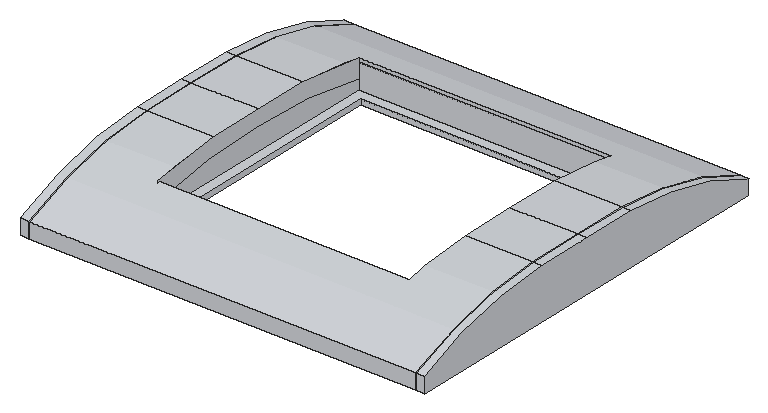
Revit family "Gira_021151", category Electrical Fixtures, host Face, Revit 2017
Family settings
  Host = Face
  Maintain Annotation Orientation = No
  Round Connector Dimension = Use Diameter
  Part Type = Normal
  Cut with Voids When Loaded = No
  Shared = No
  Room Calculation Point = No
Parameters (values of type "Abdeckrahmen 1f Zwischenr. F Alu Gira Event Opak Mint")
  Werkstoffgüte = "Thermoplast"
  Werkstoff = "Kunststoff"
  URL = "http://katalog.gira.de/de_DE/datenblatt.html?artikelnr=021151"
  Transparent = "No"
  Textfeld/Beschriftungsfläche = "No"
  Schutzart (IP) = "IP20"
  Region = "DE"
  Oberfläche = "sonstige"
  Name = "Abdeckrahmen 1f Zwischenr. F Alu Gira Event Opak Mint"
  Montagerichtung = "horizontal und vertikal"
  Mit Montagerahmen = "No"
  Mit Klappdeckel = "No"
  Manufacturer URL = "https://www.gira.de/"
  Keynote = "Event_Rahmen_1fach"
  HeinzeBIM = "https://bimportal.heinze.de/bim/abdeckrahmen-1f-zwischenr-f-alu-gira-event-opak-mint/ef4549ca6fbd62a530960c5a069dd4833859850e"
  Halogenfrei = "Yes"
  HAN = "021151"
  Geeignet für Unterputz-Installation = "Yes"
  Geeignet für Unterflurkanaldose = "No"
  Geeignet für Geräteeinbaukanal = "No"
  Geeignet für Einbauinstallation = "No"
  GTIN = "4010337211518"
  Farbe = "grün"
  Default Elevation = 1219.2 mm
  Data sheet (1) = "https://katalog.gira.de/de_DE/download.html?artikelnr=021151"
  Category = "Abdeckrahmen"
  Befestigungsart = "Klemmbefestigung"
  Available = "Yes"
  Anzahl der Einheiten vertikal = "1 "
  Anzahl der Einheiten horizontal = "1 "
  Anzahl der Einheiten = "1 "
Reference planes
  plane 1 "Center (Front/Back)": y = 0
  plane 2: z = 0
  plane 3 "Center (Left/Right)": x = 0
Forms (mm)
  Extrusion 1, solid, detail levels fine
    sketch origin (0, 0, 1.55) x (0, 1, 0) y (0, 0, 1)
      loop
        arc (12.445, 9.683) -> (6.223, 9.833) -> (0, 9.85) r 291.636
        arc (0, 9.85) -> (-6.223, 9.833) -> (-12.445, 9.683) r 291.636
        arc (-12.445, 9.683) -> (-29.14, 7.482) -> (-45, 1.823) r 79.728
        line (-45, 1.823) -> (-45, -1.55) -> (-41.777, -1.55) -> (-41.777, -0.55)
        arc (-41.777, -0.55) -> (-21.205, 4.846) -> (0, 6.467) r 118.15
        arc (0, 6.467) -> (21.205, 4.846) -> (41.777, -0.55) r 118.15
        line (41.777, -0.55) -> (41.777, -1.55) -> (45, -1.55) -> (45, 1.823)
        arc (45, 1.823) -> (29.14, 7.482) -> (12.445, 9.683) r 79.728
    from -43 to 43
  Extrusion 2, void, detail levels fine
    sketch origin (0, 0, 0) x (1, 0, 0) y (0, 1, 0)
      loop
        line (-28, -28) -> (28, -28) -> (28, 28) -> (-28, 28) -> (-28, -28)
    from 2.85 to 12
  Extrusion 3, solid, detail levels coarse
    sketch origin (0, 0, 0) x (1, 0, 0) y (0, 1, 0)
      loop
        line (-45, 45) -> (-45, -45) -> (45, -45) -> (45, 45) -> (-45, 45)
    from 0 to 11.4
  Extrusion 4, solid, detail levels medium
    sketch origin (0, 0, 1.55) x (0, 1, 0) y (0, 0, 1)
      loop
        arc (12.445, 9.683) -> (6.223, 9.833) -> (0, 9.85) r 291.636
        arc (0, 9.85) -> (-6.223, 9.833) -> (-12.445, 9.683) r 291.636
        arc (-12.445, 9.683) -> (-29.14, 7.482) -> (-45, 1.823) r 79.728
        line (-45, 1.823) -> (-45, -1.55) -> (45, -1.55) -> (45, 1.823)
        arc (45, 1.823) -> (29.14, 7.482) -> (12.445, 9.683) r 79.728
    from -45 to 45
  Extrusion 5, solid, detail levels fine
    sketch origin (0, 0, 0) x (0, 1, 0) y (0, 0, 1)
      loop
        arc (45, 3.373) -> (29.14, 9.032) -> (12.445, 11.233) r 79.728
        arc (12.445, 11.233) -> (6.223, 11.383) -> (0, 11.4) r 291.636
        arc (0, 11.4) -> (-6.223, 11.383) -> (-12.445, 11.233) r 291.636
        arc (-12.445, 11.233) -> (-29.14, 9.032) -> (-45, 3.373) r 79.728
        line (-45, 3.373) -> (-45, 0) -> (45, 0) -> (45, 3.373)
    from 43 to 45
  Extrusion 6, solid, detail levels fine
    sketch origin (0, 0, 0) x (0, 1, 0) y (0, 0, -1)
      loop
        line (45, -3.373) -> (45, 0) -> (-45, 0) -> (-45, -3.373)
        arc (-45, -3.373) -> (-29.14, -9.032) -> (-12.445, -11.233) r 79.728
        arc (-12.445, -11.233) -> (-6.223, -11.383) -> (0, -11.4) r 291.636
        arc (0, -11.4) -> (6.223, -11.383) -> (12.445, -11.233) r 291.636
        arc (12.445, -11.233) -> (29.14, -9.032) -> (45, -3.373) r 79.728
    from 43 to 45
  Extrusion 7, solid, detail levels fine
    sketch origin (0, 0, 0) x (1, 0, 0) y (0, 1, 0)
      loop
        line (-25.7, 25.7) -> (-25.7, -25.7) -> (25.7, -25.7) -> (25.7, 25.7) -> (-25.7, 25.7)
      loop
        line (-29.495, 27.895) -> (-29.495, -27.895)
        spline (-29.495, -27.895) -> (-29.486, -28.025) -> (-29.461, -28.154) -> (-29.419, -28.278) -> (-29.361, -28.395) -> (-29.288, -28.504) -> (-29.202, -28.602) -> (-29.104, -28.688) -> (-28.995, -28.761) -> (-28.878, -28.819) -> (-28.754, -28.861) -> (-28.625, -28.886) -> (-28.495, -28.895)
        line (-28.495, -28.895) -> (28.495, -28.895)
        spline (28.495, -28.895) -> (28.625, -28.886) -> (28.754, -28.861) -> (28.878, -28.819) -> (28.995, -28.761) -> (29.104, -28.688) -> (29.202, -28.602) -> (29.288, -28.504) -> (29.361, -28.395) -> (29.419, -28.278) -> (29.461, -28.154) -> (29.486, -28.025) -> (29.495, -27.895)
        line (29.495, -27.895) -> (29.495, 27.895)
        spline (29.495, 27.895) -> (29.486, 28.025) -> (29.461, 28.154) -> (29.419, 28.278) -> (29.361, 28.395) -> (29.288, 28.504) -> (29.202, 28.602) -> (29.104, 28.688) -> (28.995, 28.761) -> (28.878, 28.819) -> (28.754, 28.861) -> (28.625, 28.886) -> (28.495, 28.895)
        line (28.495, 28.895) -> (-28.495, 28.895)
        spline (-28.495, 28.895) -> (-28.625, 28.886) -> (-28.754, 28.861) -> (-28.878, 28.819) -> (-28.995, 28.761) -> (-29.104, 28.688) -> (-29.202, 28.602) -> (-29.288, 28.504) -> (-29.361, 28.395) -> (-29.419, 28.278) -> (-29.461, 28.154) -> (-29.486, 28.025) -> (-29.495, 27.895)
    from 1.673 to 8.5
Cuts and joins
  Extrusion 2 cuts Extrusion 1
  Extrusion 2 cuts Extrusion 7
Dimensions and locks
  aligned and locked: plane 2 to host face
  aligned and locked: level to host face
